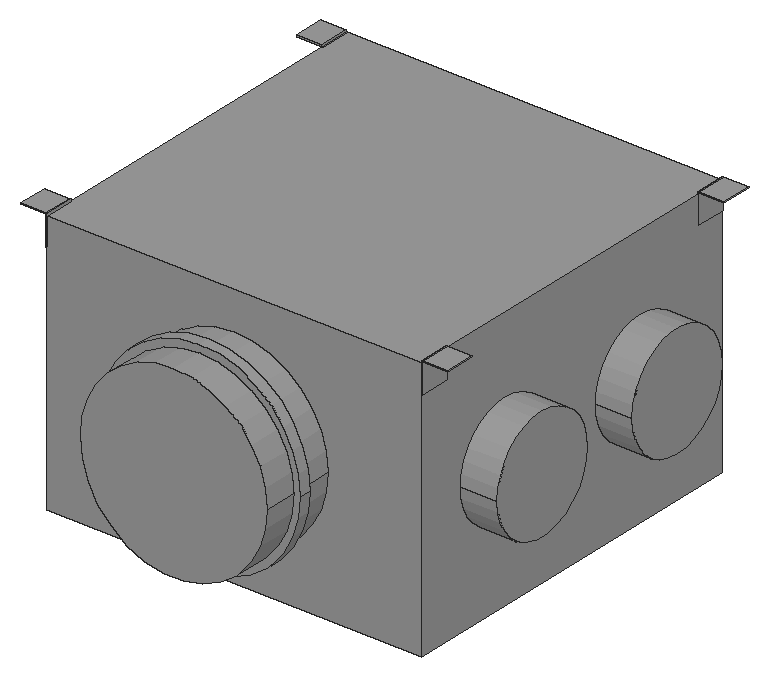
Revit family "FASU(F4-150 250Φ)", category ダクト付属品, Revit 2022
Family settings
  丸型コネクタ寸法 = 直径を使用
  パーツ タイプ = ダンパー
  OmniClass 番号 = 23.75.00.00
  OmniClass タイトル = Climate Control (HVAC)
  作業面ベース = いいえ
  常に垂直 = はい
  ロード時にボイドで切り取り = いいえ
  共有 = いいえ
Parameters
  高さ = 350 mm
  風量 = 0.0 L/s
  符号 = "FASU"
  形式 = "F4-150 250φ"
  幅 [instance] = 500 mm
  奥行き = 500 mm
  大きさ = 250 mm
  呼称 = "FASUチャンバー"
  付属品_下端レベル [instance] = 0 mm
  マテリアル [instance] = 既定値
  ダクト_イン = 250 mm
  ダクト_アウト = 150 mm
  既定の高さ = 0 mm
Reference planes
  plane 1 "中心(正面/背面)": y = 0
  plane 2: z = 0
  plane 3 "中心(左/右)": x = 0
  plane 4: x = -250
  plane 5: x = 250
  plane 6: y = -500
  plane 7: z = 350
  plane 8: z = 175
  plane 9: z = 266.963
  plane 10: z = 86.159
  plane 11: x = -125
  plane 12: x = 125
  plane 13: x = -135
  plane 14: x = 135
  plane 15: x = -251
  plane 16: z = 313.122
  plane 17: z = 352.122
  plane 18: y = -250
Forms (mm)
  Extrusion 1, solid, material "既定値" <- "マテリアル"
    sketch origin (0, 0, 0) x (1, 0, 0) y (0, 1, 0)
      loop
        line (-250, 0) -> (-250, -500) -> (250, -500) -> (250, 0) -> (-250, 0)
    from 0 to 350
  Extrusion 2, solid, material "既定値" <- "マテリアル"
    sketch origin (0, -30, 0) x (1, 0, 0) y (0, 0, 1)
      loop
        circle (0, 175) r 125
    from 470 to 512.5
  Extrusion 3, solid, material "既定値" <- "マテリアル"
    sketch origin (0, -30, 0) x (1, 0, 0) y (0, 0, 1)
      loop
        circle (0, 175) r 135
    from 512.5 to 527.5
  Extrusion 4, solid, material "既定値" <- "マテリアル"
    sketch origin (0, -117.5, 0) x (1, 0, 0) y (0, 0, 1)
      loop
        circle (0, 175) r 125
    from 440 to 482.5
  Extrusion 5, solid, material "既定値" <- "マテリアル"
    sketch origin (0, -30, 0) x (0, 1, 0) y (0, 0, 1)
      loop
        circle (-332.5, 175) r 74.985
    from -300 to -250
  Extrusion 6, solid, material "既定値" <- "マテリアル"
    sketch origin (550, -30, 0) x (0, 1, 0) y (0, 0, 1)
      loop
        circle (-332.5, 175) r 74.985
    from -300 to -250
  Extrusion 7, solid, material "既定値" <- "マテリアル"
    sketch origin (0, -30, 0) x (1, 0, 0) y (0, 1, 0)
      loop
        line (-250, 30) -> (-251, 30) -> (-251, -10) -> (-250, -10) -> (-250, 30)
    from 313.122 to 350
  Extrusion 8, solid, material "既定値" <- "マテリアル"
    sketch origin (0, -30, 0) x (1, 0, 0) y (0, 1, 0)
      loop
        line (-285, 30) -> (-285, -10) -> (-251, -10) -> (-251, 30) -> (-285, 30)
    from 352.122 to 350
  Extrusion 9, solid, material "既定値" <- "マテリアル"
    sketch origin (0, -30, 0) x (-1, 0, 0) y (0, -1, 0)
      loop
        line (-250, -30) -> (-250, 10) -> (-251, 10) -> (-251, -30) -> (-250, -30)
    from 313.122 to 353.122
  Extrusion 10, solid, material "既定値" <- "マテリアル"
    sketch origin (0, -30, 0) x (-1, 0, 0) y (0, -1, 0)
      loop
        line (-285, -30) -> (-251, -30) -> (-251, 10) -> (-285, 10) -> (-285, -30)
    from 352.122 to 353.122
  Extrusion 11, solid, material "既定値" <- "マテリアル"
    sketch origin (0, -490, 0) x (1, 0, 0) y (0, 1, 0)
      loop
        line (-285, 30) -> (-285, -10) -> (-251, -10) -> (-251, 30) -> (-285, 30)
    from 352.122 to 353.122
  Extrusion 12, solid, material "既定値" <- "マテリアル"
    sketch origin (0, -490, 0) x (1, 0, 0) y (0, 1, 0)
      loop
        line (-250, 30) -> (-251, 30) -> (-251, -10) -> (-250, -10) -> (-250, 30)
    from 313.122 to 353.122
  Extrusion 13, solid, material "既定値" <- "マテリアル"
    sketch origin (0, -490, 0) x (-1, 0, 0) y (0, -1, 0)
      loop
        line (-285, -30) -> (-251, -30) -> (-251, 10) -> (-285, 10) -> (-285, -30)
    from 352.122 to 353.122
  Extrusion 14, solid, material "既定値" <- "マテリアル"
    sketch origin (0, -490, 0) x (-1, 0, 0) y (0, -1, 0)
      loop
        line (-250, -30) -> (-250, 10) -> (-251, 10) -> (-251, -30) -> (-250, -30)
    from 313.122 to 353.122
  Extrusion 15, solid, material "既定値" <- "マテリアル"
    sketch origin (550, -470, 0) x (0, -1, 0) y (0, 0, -1)
      loop
        circle (-332.5, -175) r 74.985
    from -300 to -250
  Extrusion 16, solid, material "既定値" <- "マテリアル"
    sketch origin (-550, -470, 0) x (0, -1, 0) y (0, 0, 1)
      loop
        circle (-332.5, 175) r 74.985
    from -300 to -250
Lines and regions (mm)
  model lines
    curve 1: line (-250, -30, 0) -> (250, -30, 0)
    curve 2: line (-250, -470, 0) -> (250, -470, 0)
Text (mm)
  text "FASU(F4-150 250Φ)" at (120.822, -450.782, 0), in view "参照レベル"
Dimensions and locks
  equal spacing: plane 4, plane 3 "中心(左/右)", plane 5
  "幅": plane 4 to plane 5
  "奥行き": plane 6 to plane 1 "中心(正面/背面)"
  "高さ": plane 7 to level
  equal spacing: plane 7, plane 8, level
  equal spacing: plane 6, plane 18, plane 1 "中心(正面/背面)"
  aligned and locked: level to plane 2
  aligned and locked: Extrusion 1 sketch curve to plane 5
  aligned and locked: plane 7 to Extrusion 1
  aligned and locked: plane 4 to Extrusion 5
  aligned and locked: Extrusion 6 to plane 5
  aligned and locked: Extrusion 7 sketch curve to Extrusion 1
  aligned and locked: plane 7 to Extrusion 7
  aligned and locked: Extrusion 8 sketch curve to Extrusion 7
  aligned and locked: Extrusion 7 to Extrusion 8 sketch curve
  aligned and locked: plane 7 to Extrusion 8
  aligned and locked: Extrusion 8 to plane 17
  aligned and locked: Extrusion 9 to Extrusion 10 sketch curve
  aligned and locked: Extrusion 10 sketch curve to Extrusion 9
  aligned and locked: Extrusion 3 to Extrusion 4
  aligned and locked: Extrusion 3 to Extrusion 2
  aligned and locked: Extrusion 1 to Extrusion 13
  aligned and locked: Extrusion 11 to Extrusion 1
  aligned and locked: Extrusion 12 to Extrusion 1
  aligned and locked: Extrusion 1 to Extrusion 14
  aligned and locked: Extrusion 14 to Extrusion 13
  aligned and locked: Extrusion 12 to Extrusion 11
  aligned and locked: plane 4 to Extrusion 12
  aligned and locked: Extrusion 14 to plane 5
  aligned and locked: plane 4 to curve 1
  aligned and locked: plane 5 to curve 1
  aligned and locked: plane 5 to curve 2
  aligned and locked: plane 4 to curve 2
  aligned and locked: Extrusion 1 to Extrusion 8
  aligned and locked: Extrusion 10 to Extrusion 1
  aligned and locked: Extrusion 9 to plane 5
  aligned and locked: Extrusion 1 to plane 6
  aligned and locked: Extrusion 1 to plane 1 "中心(正面/背面)"
  aligned and locked: plane 6 to Extrusion 2
  aligned and locked: Extrusion 15 to plane 5
  aligned and locked: plane 4 to Extrusion 16
Automatic sketch dimensions
  plane 6 to curve 2 = 30 mm
  plane 1 "中心(正面/背面)" to curve 1 = 30 mm
  Extrusion 1 sketch curve to plane 4 = 0 mm
  Extrusion 1 sketch curve to plane 6 = 0 mm
  plane 1 "中心(正面/背面)" to Extrusion 1 sketch curve = 0 mm
  Extrusion 2 sketch curve to plane 3 "中心(左/右)" = 0 mm
  Extrusion 2 sketch curve to plane 8 = 0 mm
  Extrusion 3 sketch curve to plane 3 "中心(左/右)" = 0 mm
  Extrusion 3 sketch curve to plane 8 = 0 mm
  Extrusion 4 sketch curve to plane 3 "中心(左/右)" = 0 mm
  Extrusion 4 sketch curve to plane 8 = 0 mm
  Extrusion 5 sketch curve to plane 8 = 0 mm
  Extrusion 6 sketch curve to plane 8 = 0 mm
  plane 1 "中心(正面/背面)" to Extrusion 7 sketch curve = 0 mm
  Extrusion 7 sketch curve to plane 15 = 0 mm
  Extrusion 7 sketch curve to Extrusion 7 sketch curve = 40 mm
  plane 1 "中心(正面/背面)" to Extrusion 8 sketch curve = 0 mm
  Extrusion 8 sketch curve to Extrusion 8 sketch curve = 34 mm
  plane 1 "中心(正面/背面)" to Extrusion 9 sketch curve = 0 mm
  Extrusion 9 sketch curve to plane 5 = 0 mm
  Extrusion 9 sketch curve to Extrusion 9 sketch curve = 1 mm
  Extrusion 9 sketch curve to Extrusion 9 sketch curve = 40 mm
  plane 1 "中心(正面/背面)" to Extrusion 10 sketch curve = 0 mm
  Extrusion 10 sketch curve to Extrusion 10 sketch curve = 34 mm
  Extrusion 11 sketch curve to plane 6 = 0 mm
  Extrusion 11 sketch curve to plane 15 = 0 mm
  Extrusion 11 sketch curve to Extrusion 11 sketch curve = 34 mm
  Extrusion 12 sketch curve to plane 15 = 0 mm
  Extrusion 12 sketch curve to plane 4 = 0 mm
  Extrusion 12 sketch curve to plane 6 = 0 mm
  Extrusion 13 sketch curve to plane 6 = 0 mm
  Extrusion 13 sketch curve to plane 5 = 35 mm
  Extrusion 13 sketch curve to plane 5 = 1 mm
  Extrusion 14 sketch curve to plane 6 = 0 mm
  Extrusion 14 sketch curve to plane 5 = 0 mm
  Extrusion 14 sketch curve to Extrusion 14 sketch curve = 1 mm
  Extrusion 15 sketch curve to plane 8 = 0 mm
  plane 18 to Extrusion 15 sketch curve = 112.5 mm
  Extrusion 16 sketch curve to plane 8 = 0 mm
  plane 18 to Extrusion 16 sketch curve = 112.5 mm
  Extrusion 5 sketch curve to plane 18 = 112.5 mm
  Extrusion 6 sketch curve to plane 18 = 112.5 mm
  plane 6 to Extrusion 11 sketch curve = 40 mm
  plane 6 to Extrusion 12 sketch curve = 40 mm
  Extrusion 13 sketch curve to plane 6 = 40 mm
  Extrusion 14 sketch curve to plane 6 = 40 mm
  radius of Extrusion 2 sketch curve = 125 mm
  radius of Extrusion 3 sketch curve = 135 mm
  radius of Extrusion 4 sketch curve = 125 mm
  radius of Extrusion 5 sketch curve = 74.985 mm
  radius of Extrusion 6 sketch curve = 74.985 mm
  radius of Extrusion 15 sketch curve = 74.985 mm
  radius of Extrusion 16 sketch curve = 74.985 mm
Connectors
  hvac at (-300, -362.5, 175), driven by "ダクト_アウト"
    settings: on Extrusion 5, index 1, duct flow 0.0 L/s, flow factor 0, pres drop 0.0 Pa, loss coef 0, conn angle 0.00°, conn width 304.8 mm, conn height 304.8 mm, conn diameter 150 mm, duct sys type 29, conn prof type 0, flow config 0, flow direction 2, loss method 0, conn ref index -1, conn util no, is conn primary yes, conn desc ""
  hvac at (-300, -137.5, 175), driven by "ダクト_アウト"
    settings: on Extrusion 16, index 2, duct flow 0.0 L/s, flow factor 0, pres drop 0.0 Pa, loss coef 0, conn angle 0.00°, conn width 304.8 mm, conn height 304.8 mm, conn diameter 150 mm, duct sys type 29, conn prof type 0, flow config 0, flow direction 2, loss method 0, conn ref index -1, conn util no, is conn primary no, conn desc ""
  hvac at (300, -362.5, 175), driven by "ダクト_アウト"
    settings: on Extrusion 6, index 3, duct flow 0.0 L/s, flow factor 0, pres drop 0.0 Pa, loss coef 0, conn angle 0.00°, conn width 304.8 mm, conn height 304.8 mm, conn diameter 150 mm, duct sys type 29, conn prof type 0, flow config 0, flow direction 2, loss method 0, conn ref index -1, conn util no, is conn primary no, conn desc ""
  hvac at (300, -137.5, 175), driven by "ダクト_アウト"
    settings: on Extrusion 15, index 4, duct flow 0.0 L/s, flow factor 0, pres drop 0.0 Pa, loss coef 0, conn angle 0.00°, conn width 304.8 mm, conn height 304.8 mm, conn diameter 150 mm, duct sys type 29, conn prof type 0, flow config 0, flow direction 2, loss method 0, conn ref index -1, conn util no, is conn primary no, conn desc ""
  hvac at (0, -600, 175), driven by "ダクト_イン"
    settings: on Extrusion 4, index 5, duct flow 0.0 L/s, flow factor 0, pres drop 0.0 Pa, loss coef 0, conn angle 0.00°, conn width 304.8 mm, conn height 304.8 mm, conn diameter 250 mm, duct sys type 1, conn prof type 0, flow config 0, flow direction 1, loss method 0, conn ref index -1, conn util no, is conn primary no, conn desc ""
